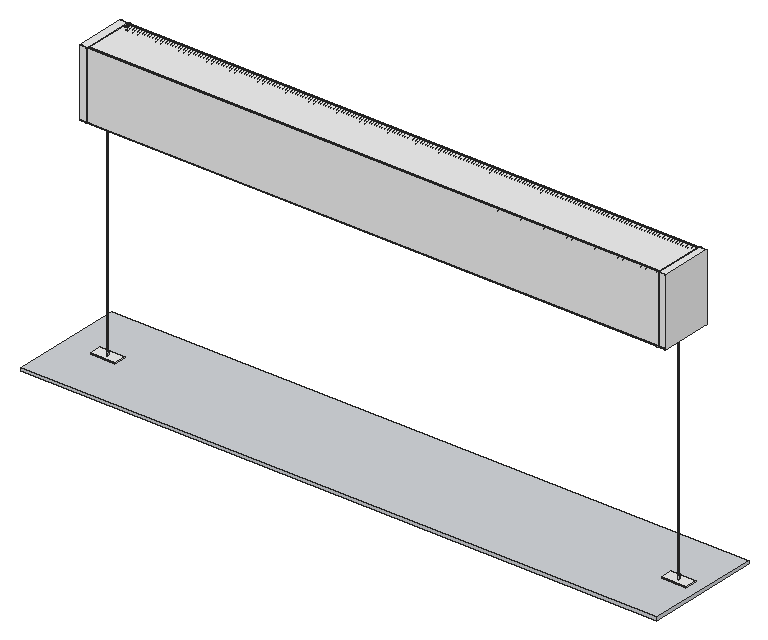
Revit family
Parameters (values of type "BBILED-400-80-35-ASO-4")
  With Multiple Lamps = Fixture Length > 108"  # no
  With Additional Lamp = and(Fixture Length < 120", Fixture Length > 48")  # no
  Wattage = 15.3846 W
  built-in parameter 1150110 = 1 (stored number, unit not read)
  Voltage = 120 V
  URL = "http://www.axislighting.com/CMS/itemsDetail_beam4LED.php?205"
  built-in parameter 1114217 = 1 (stored number, unit not read)
  Total Lamp Wattage = Lamp Wattage * Number of Lamps  # 28.4 VA
  Tilt Angle = 90.00°
  built-in parameter 1150109 = 1 (stored number, unit not read)
  built-in parameter 1150134 = (empty or 0)
  Suspension Length [instance] = 18"
  Suspension Finish = Steel - Axis - White
  built-in parameter 1150113 = 1 (stored number, unit not read)
  Reflector Finish = Steel - Axis - White Powder Coated
  Product Order Length = 48"
  Product ID = "BBILED"
  Photometric Web File = "BBILED-B3-MF-950-80-35-C.ies"
  Other = ""
  Optics Length = Fixture Length - 1 1/4"  # 46 3/4"
  Number of Lamps = Product Order Length / 12"  # 4
  Mounting Configuration = if(Product Order Length < 156", 2, if(Product Order Length < 300", 3, if(Product Order Length < 444", 4, if(Product Order Length < 564", 5, if(Product Order Length < 708", 6, if(Product Order Length < 852", 7, if(Product Order Length < 972", 8, if(Product Order Length = 1296", 11, if(Product Order Length = 1680", 13, if(Product Order Length = 1776", 14, if(Product Order Length = 1848", 15, if(Product Order Length = 1872", 15, if(Product Order Length = 1896", 15, 2)))))))))))))  # 2
  Model = "BEAM4 LED Pendant Asymmetric Mount - Indirect"
  Manufacturer = "Axis Lighting"
  built-in parameter 1150105 = 127.32 (stored number, unit not read)
  Lumens = 1600 lm
  built-in parameter 1150115 = 1 (stored number, unit not read)
  built-in parameter 1150137 = (empty or 0)
  built-in parameter 1150139 = (empty or 0)
  Lens Length = if(Fixture Length > 108", (Fixture Length - (2 * End Cap Length)) / Lamp Configuration, Fixture Length - (2 * End Cap Length))  # 46 3/4"
  Lens Finish = Acrylic - Axis - Frosted
  Lamp Wattage = 7.1 VA
  built-in parameter 1150112 = 1 (stored number, unit not read)
  Lamp Multiplier = if(Fixture Length > 108", (Fixture Length / 48") - 1, 2)  # 2
  built-in parameter 1150114 = 1 (stored number, unit not read)
  Lamp Distance = Lens Length  # 46 3/4"
  Lamp Configuration = if(Product Order Length > 96", Product Order Length / 48", 2)  # 2
  Lamp = "LED"
  Keynote = "16510"
  built-in parameter 1150132 = 2
  built-in parameter 1150102 = (empty or 0)
  built-in parameter 1150107 = 3500 (stored number, unit not read)
  built-in parameter 1150138 = (empty or 0)
  built-in parameter 1150106 = 1.2732 (stored number, unit not read)
  IC Controls = ""
  Housing Finish = Aluminum - Axis - White
  Fixture Width = 4 5/32"  # constant formula
  Fixture Length = Product Order Length  # 48"
  Fixture Depth = 5 1/2"  # constant formula
  End Cap Length = 5/8"  # constant formula
  Emit from Line Length = Lamp Distance  # 46 3/4"
  built-in parameter 1150104 = 9.6619 (stored number, unit not read)
  Dimming Lamp Color Temperature Shift = (empty or 0)
  Description = "LED Pendant Asymmetric Mount Indrect Lighting Fixture with Spotless Lens"
  Default Elevation = 48"
  Custom = ""
  Color Filter = 16777215
  Circuit = 1
  built-in parameter 1114218 = 1 (stored number, unit not read)
  built-in parameter 1150133 = 10 (stored number, unit not read)
  Assembly Code = "D5020200"
  Apparent Load = Total Lamp Wattage  # 28.4 VA
Types (5): name | With Additional Lamp | Wattage | Total Lamp Wattage | Product Order Length | Optics Length | Number of Lamps | built-in parameter 1150105 | Lumens | Lens Length | Lamp Wattage | Lamp Distance | built-in parameter 1150106 | Fixture Length | Emit from Line Length | Description | Apparent Load
  (no name) | no | 15.3846 W | 28.4 VA | 48" | 46 3/4" | 4 | 127.32 (stored number, unit not read) | 1600 lm | 46 3/4" | 7.1 VA | 46 3/4" | 1.2732 (stored number, unit not read) | 48" | 46 3/4" | "LED Pendant Asymmetric Mount Indrect Lighting Fixture with Spotless Lens" | 28.4 VA
  BBILED-400-80-35-ASO-4 | no | 15.3846 W | 28.4 VA | 48" | 46 3/4" | 4 | 127.32 (stored number, unit not read) | 1600 lm | 46 3/4" | 7.1 VA | 46 3/4" | 1.2732 (stored number, unit not read) | 48" | 46 3/4" | "LED Pendant Asymmetric Mount Indrect Lighting Fixture with Spotless Lens" | 28.4 VA
  BBILED-400-80-35-ASO-2 | no | 7.69231 W | 6.6 VA | 24" | 22 3/4" | 2 | 63.662 (stored number, unit not read) | 800 lm | 22 3/4" | 3.3 VA | 22 3/4" | 0.63662 (stored number, unit not read) | 24" | 22 3/4" | "LED Pendant Mount Asymmetric Indrect Lighting Fixture with Spotless Lens" | 6.6 VA
  BBILED-400-80-35-ASO-3 | no | 11.5385 W | 9.9 VA | 36" | 34 3/4" | 3 | 95.493 (stored number, unit not read) | 1200 lm | 34 3/4" | 3.3 VA | 34 3/4" | 0.95493 (stored number, unit not read) | 36" | 34 3/4" | "LED Pendant Mount Asymmetric Indrect Lighting Fixture with Spotless Lens" | 9.9 VA
  BBILED-400-80-35-ASO-5 | yes | 19.2308 W | 16.5 VA | 60" | 58 3/4" | 5 | 159.15 (stored number, unit not read) | 2000 lm | 58 3/4" | 3.3 VA | 58 3/4" | 1.5915 (stored number, unit not read) | 60" | 58 3/4" | "LED Pendant Mount Asymmetric Indrect Lighting Fixture with Spotless Lens" | 16.5 VA
Reference planes (in)
  plane 1 "Center (Front/Back)": y = 0
  plane 2: z = 0
  plane 3 "Center (Left/Right)": x = 0
  plane 4: x = -24
  plane 5: x = 24
  plane 6: x = -23.375
  plane 7: x = 23.375
  plane 8: z = 18
  plane 9: y = -2.07813
  plane 10: y = 2.07812
  plane 11: z = 23.5
  plane 12: z = 20.84375
  plane 13: z = 18.7
  plane 14: x = -23.375
  plane 15: x = 23.375
  plane 16: x = 0
  plane 17: x = 70.125
  plane 18: x = 46.75
  plane 19: x = -23.375
  plane 20: x = 23.375
  plane 21: x = 0
Forms (in)
  Extrusion 1, solid
    sketch origin (0, 0, 0) x (1, 0, 0) y (0, 1, 0)
      loop
        line (-26.75, 4.70508) -> (-26.75, -4.70508) -> (25.31417, -4.70508) -> (25.31417, 4.70508) -> (-26.75, 4.70508)
    from 0 to -0.25
  Extrusion 2, solid, material "Aluminum - Axis - White" <- "Housing Finish"
    sketch origin (0, 0, 0) x (0, 1, 0) y (0, 0, 1)
      loop
        line (2.04687, 23.5) -> (-2.04688, 23.5)
        arc (-2.04688, 23.5) -> (-2.06897, 23.49085) -> (-2.07813, 23.46875) r 0.03125
        line (-2.07813, 23.46875) -> (-2.07813, 18.03125)
        arc (-2.07813, 18.03125) -> (-2.06897, 18.00915) -> (-2.04688, 18) r 0.03125
        line (-2.04688, 18) -> (2.04687, 18)
        arc (2.04687, 18) -> (2.06897, 18.00915) -> (2.07812, 18.03125) r 0.03125
        line (2.07812, 18.03125) -> (2.07812, 23.46875)
        arc (2.07812, 23.46875) -> (2.06897, 23.49085) -> (2.04687, 23.5) r 0.03125
    from -24 to -23.375
  Extrusion 3, solid, material "Aluminum - Axis - White" <- "Housing Finish"
    sketch origin (0, 0, 0) x (0, 1, 0) y (0, 0, 1)
      loop
        line (2.04687, 23.5) -> (-2.04688, 23.5)
        arc (-2.04688, 23.5) -> (-2.06897, 23.49085) -> (-2.07813, 23.46875) r 0.03125
        line (-2.07813, 23.46875) -> (-2.07813, 18.03125)
        arc (-2.07813, 18.03125) -> (-2.06897, 18.00915) -> (-2.04688, 18) r 0.03125
        line (-2.04688, 18) -> (2.04687, 18)
        arc (2.04687, 18) -> (2.06897, 18.00915) -> (2.07812, 18.03125) r 0.03125
        line (2.07812, 18.03125) -> (2.07812, 23.46875)
        arc (2.07812, 23.46875) -> (2.06897, 23.49085) -> (2.04687, 23.5) r 0.03125
    from 23.375 to 24
  Extrusion 4, solid, material "Acrylic - Axis - Frosted" <- "Lens Finish"
    sketch origin (0, 0, 0) x (0, 1, 0) y (0, 0, 1)
      loop
        line (1.96562, 18.05) -> (-1.96563, 18.05) -> (-1.96563, 18) -> (1.96562, 18) -> (1.96562, 18.05)
    from -23.375 to 23.375
  Sweep 5, solid, material "Steel - Axis - White Powder Coated" <- "Reflector Finish"
    path origin (0, 0, 0) x (1, 0, 0) y (0, 1, 0)
      loop
        line (23.375, 0) -> (-23.375, 0)
    profile "BBILED-ASY-Profile-Reflector : BBILED-ASY-Profile-Reflector" origin (0, 0, 0) x (0, -1, 0) y (0, 0, 1)
      loop
        line (-0.86692, 19.57796) -> (-1.65215, 18.48068) -> (-1.85302, 18.48068) -> (-1.85302, 18.44943) -> (-1.63609, 18.44943) -> (-0.85085, 19.54671) -> (-0.32503, 19.54671) -> (1.5391, 18.44943) -> (1.87627, 18.44943) -> (1.87627, 18.48068) -> (1.54761, 18.48068) -> (-0.31652, 19.57796) -> (-0.86692, 19.57796)
  Sweep 6, solid, material "Aluminum - Axis - White" <- "Housing Finish"
    path origin (0, 0, 0) x (1, 0, 0) y (0, 1, 0)
      loop
        line (23.375, 0) -> (-23.375, 0)
    profile "BBILED-Profile-Lens : BBILED-Profile-Lens" origin (0, 0, 0) x (0, -1, 0) y (0, 0, 1)
      loop
        line (-1.79405, 23.43) -> (1.79405, 23.43)
        arc (1.79405, 23.43) -> (1.81337, 23.41518) -> (1.80405, 23.39268) r 0.02
        line (1.80405, 23.39268) -> (1.74405, 23.35804)
        arc (1.74405, 23.35804) -> (1.73673, 23.33072) -> (1.76405, 23.3234) r 0.02
        line (1.76405, 23.3234) -> (1.83782, 23.36599) -> (1.86011, 23.30536)
        arc (1.86011, 23.30536) -> (1.85982, 23.21545) -> (1.80089, 23.14755) r 0.12908
        arc (1.80089, 23.14755) -> (1.79294, 23.1204) -> (1.82008, 23.11245) r 0.02
        arc (1.82008, 23.11245) -> (1.89727, 23.2014) -> (1.89766, 23.31916) r 0.16908
        line (1.89766, 23.31916) -> (1.86558, 23.40637)
        arc (1.86558, 23.40637) -> (1.86854, 23.42931) -> (1.88905, 23.44) r 0.025
        line (1.88905, 23.44) -> (1.93835, 23.44) -> (1.96019, 23.5) -> (-1.96019, 23.5) -> (-1.93835, 23.44) -> (-1.88905, 23.44)
        arc (-1.88905, 23.44) -> (-1.86854, 23.42931) -> (-1.86558, 23.40637) r 0.025
        line (-1.86558, 23.40637) -> (-1.89766, 23.31916)
        arc (-1.89766, 23.31916) -> (-1.89727, 23.2014) -> (-1.82008, 23.11245) r 0.16908
        arc (-1.82008, 23.11245) -> (-1.79294, 23.1204) -> (-1.80089, 23.14755) r 0.02
        arc (-1.80089, 23.14755) -> (-1.85982, 23.21545) -> (-1.86011, 23.30536) r 0.12908
        line (-1.86011, 23.30536) -> (-1.83782, 23.36599) -> (-1.76405, 23.3234)
        arc (-1.76405, 23.3234) -> (-1.73673, 23.33072) -> (-1.74405, 23.35804) r 0.02
        line (-1.74405, 23.35804) -> (-1.80405, 23.39268)
        arc (-1.80405, 23.39268) -> (-1.81337, 23.41518) -> (-1.79405, 23.43) r 0.02
  Sweep 7, solid, material "Aluminum - Axis - White" <- "Housing Finish"
    path origin (0, 0, 0) x (1, 0, 0) y (0, 1, 0)
      loop
        line (23.375, 0) -> (-23.375, 0)
    profile "BBILED-Profile-Housing : BBILED-Profile-Housing" origin (0, 0, 0) x (0, -1, 0) y (0, 0, 1)
      loop
        line (-2.07812, 23.46875) -> (-2.07812, 18.03125)
        arc (-2.07812, 18.03125) -> (-2.06897, 18.00915) -> (-2.04687, 18) r 0.03125
        line (-2.04687, 18) -> (-1.98812, 18) -> (-1.98812, 18.0857) -> (-1.94473, 18.0857) -> (-1.92694, 18.04378) -> (-1.89012, 18.0594) -> (-1.92781, 18.1482) -> (-2.00312, 18.1482) -> (-2.00312, 23.365)
        arc (-2.00312, 23.365) -> (-1.99727, 23.37914) -> (-1.98312, 23.385) r 0.02
        line (-1.98312, 23.385) -> (-1.88312, 23.385)
        arc (-1.88312, 23.385) -> (-1.87013, 23.3925) -> (-1.87013, 23.4075) r 0.015
        line (-1.87013, 23.4075) -> (-1.89179, 23.445) -> (-1.98812, 23.445) -> (-1.98812, 23.48)
        arc (-1.98812, 23.48) -> (-1.99398, 23.49414) -> (-2.00812, 23.5) r 0.02
        line (-2.00812, 23.5) -> (-2.04687, 23.5)
        arc (-2.04687, 23.5) -> (-2.06897, 23.49085) -> (-2.07812, 23.46875) r 0.03125
      loop
        arc (2.07813, 23.46875) -> (2.06897, 23.49085) -> (2.04688, 23.5) r 0.03125
        line (2.04688, 23.5) -> (2.00813, 23.5)
        arc (2.00813, 23.5) -> (1.99398, 23.49414) -> (1.98813, 23.48) r 0.02
        line (1.98813, 23.48) -> (1.98813, 23.445) -> (1.89179, 23.445) -> (1.87013, 23.4075)
        arc (1.87013, 23.4075) -> (1.87013, 23.3925) -> (1.88313, 23.385) r 0.015
        line (1.88313, 23.385) -> (1.98313, 23.385)
        arc (1.98313, 23.385) -> (1.99727, 23.37914) -> (2.00313, 23.365) r 0.02
        line (2.00313, 23.365) -> (2.00313, 18.1482) -> (1.92781, 18.1482) -> (1.89012, 18.0594) -> (1.92694, 18.04378) -> (1.94473, 18.0857) -> (1.98813, 18.0857) -> (1.98813, 18) -> (2.04688, 18)
        arc (2.04688, 18) -> (2.06897, 18.00915) -> (2.07813, 18.03125) r 0.03125
        line (2.07813, 18.03125) -> (2.07813, 23.46875)
Lines and regions (in)
  reference lines
    curve 1: line (0, 1.95771, 18) -> (0, 0.50282, 20.03305)
    curve 2: line (0, -0.19021, 18) -> (0, 2.37396, 19.83498)
Dimensions and locks (in)
  "Fixture Length": plane 4 to plane 5
  equal spacing: plane 4, plane 3 "Center (Left/Right)", plane 5
  locked: plane 4 to plane 6 at 0.625
  locked: plane 7 to plane 5 at 0.625
  "Suspension Length": plane 8 to plane 2
  "Fixture Width": plane 9 to plane 10
  equal spacing: plane 9, plane 1 "Center (Front/Back)", plane 10
  "Fixture Depth": plane 11 to plane 8
  locked: Extrusion 4 sketch curve to plane 9 at 0.1125
  locked: plane 10 to Extrusion 4 sketch curve at 0.1125
  locked: Extrusion 4 sketch curve to plane 8 at 0.05
  locked: plane 12 to plane 8 at 2.84375
  locked: plane 13 to plane 8 at 0.7
  group 1 to group 2 = 46 3/4"
  group 1 to group 2 = 0"  (x2)
  "Lamp Distance": plane 14 to plane 15
  equal spacing: plane 14, plane 16, plane 15
  "Lamp Distance": plane 15 to plane 17
  equal spacing: plane 15, plane 18, plane 17
  "Lamp Distance": plane 19 to plane 20
  equal spacing: plane 19, plane 21, plane 20
  locked: plane 10 to curve 1 at 0.12041
  locked: plane 10 to curve 2 at 2.26834
  group 3 to group 4 = 46 3/4"
  group 3 to group 4 = 0"  (x2)
  locked: curve 1 to curve 2 (angle 90.00°)
  locked: curve 2 to plane 8 (angle 35.5883°)
  aligned and locked: plane 2 to Extrusion 1
  aligned and locked: level to Extrusion 1
  aligned and locked: plane 1 "Center (Front/Back)" to nested 1
  aligned and locked: plane 3 "Center (Left/Right)" to nested 1
  aligned and locked: plane 11 to Extrusion 2 sketch curve
  aligned and locked: plane 9 to Extrusion 2 sketch curve
  aligned and locked: plane 8 to Extrusion 2 sketch curve
  aligned and locked: plane 10 to Extrusion 2 sketch curve
  aligned and locked: Extrusion 2 to plane 4
  aligned and locked: plane 6 to Extrusion 2
  aligned and locked: plane 11 to Extrusion 3 sketch curve
  aligned and locked: plane 9 to Extrusion 3 sketch curve
  aligned and locked: plane 8 to Extrusion 3 sketch curve
  aligned and locked: plane 10 to Extrusion 3 sketch curve
  aligned and locked: plane 5 to Extrusion 3
  aligned and locked: Extrusion 3 to plane 7
  aligned and locked: plane 8 to Extrusion 4 sketch curve
  aligned and locked: Extrusion 4 to plane 6
  aligned and locked: plane 7 to Extrusion 4
  aligned and locked: Sweep 5 sketch curve to plane 1 "Center (Front/Back)"
  aligned and locked: plane 6 to Sweep 5 sketch curve
  aligned and locked: plane 7 to Sweep 5 sketch curve
  aligned and locked: Sweep 6 sketch curve to plane 1 "Center (Front/Back)"
  aligned and locked: plane 6 to Sweep 6 sketch curve
  aligned and locked: plane 7 to Sweep 6 sketch curve
  aligned and locked: Sweep 7 sketch curve to plane 1 "Center (Front/Back)"
  aligned and locked: plane 7 to Sweep 7 sketch curve
  aligned and locked: plane 6 to Sweep 7 sketch curve
  aligned and locked: nested 2 to plane 2
  aligned and locked: plane 1 "Center (Front/Back)" to nested 2
  aligned and locked: plane 6 to nested 2
  aligned and locked: plane 7 to nested 3
  aligned and locked: plane 1 "Center (Front/Back)" to nested 3
  aligned and locked: nested 3 to plane 2
  aligned and locked: plane 14 to plane 6
  aligned and locked: imposter light to plane 16
  aligned and locked: plane 20 to plane 7
  aligned and locked: plane 21 to nested 4
  aligned and locked: plane 21 to nested 5
  aligned and locked: imposter light to curve 2
  aligned and locked: imposter light to curve 1
  aligned and locked: plane 1 "Center (Front/Back)" to nested 5
  aligned and locked: plane 1 "Center (Front/Back)" to nested 4
  aligned and locked: plane 1 "Center (Front/Back)" to nested 6
  aligned and locked: nested 6 to plane 18
Automatic sketch dimensions
  Extrusion 1 sketch curve to Extrusion 1 sketch curve = 52.06417"
  Extrusion 1 sketch curve to Extrusion 1 sketch curve = 9 105/256"
  Extrusion 2 sketch curve to plane 9 = 1/32"  (x2)
  Extrusion 2 sketch curve to Extrusion 2 sketch curve = 1/32"  (x2)
  Extrusion 3 sketch curve to plane 9 = 1/32"
  Extrusion 3 sketch curve to Extrusion 3 sketch curve = 1/32"  (x2)
  plane 10 to Extrusion 3 sketch curve = 1/32"
  curve 1 to plane 8 = 0"
  curve 2 to plane 13 = 0.7"
Nested families (in)
  nested 1: "Lighting-Pendant-Axis-Symbol" at (0, 0, 0), type "Lighting-Pendant-Axis-Symbol"
  nested 2: "BBILED-Component-Suspension" at (-23.375, 0, 0), type "Cable"
  nested 3: "BBILED-Component-Suspension" at (23.375, 0, 0), type "Cable"
  nested 4: "BBILED-ASY-Light" at (0, 0, 0), visible <- "With Multiple Lamps", type "Multiple"
  nested 5: "BBILED-ASY-Light" at (0, 0, 0), visible <- "With Additional Lamp", type "Additional"
  nested 6: "BBILED-ASY-Light" at (46.75, 0, 0), visible <- "With Multiple Lamps", type "Multiple"
Connectors (in)
  electrical at (-23.375, 0, 0), driven by "Voltage", driven by "Apparent Load"
    settings: on nested 2, index 1, voltage 120 V, apparent load 0 VA, apparent load phase1 28.4 VA, apparent load phase2 0 VA, apparent load phase3 0 VA, power factor 1, load classification "Lighting", number of poles 1, system type 31, power factor state 1, is connector primary yes, connector utility no, sub classification motor no, connector description "Lighting Fixture Power"
Definition of nested family "BBILED-Component-Suspension"
  Parameters (values of type "Cable")
    Suspension Length = 18"
    Finish = Steel - Axis - White
    Assembly Code = ""
  Reference planes (in)
    plane 1 "Center (Front/Back)": y = 0
    plane 2: z = 0
    plane 3 "Center (Left/Right)": x = 0
    plane 4: z = 18
    plane 5: y = 0.5
    plane 6: y = -0.5
    plane 7: x = -1
    plane 8: x = 1
    plane 9: z = 0.0625
    plane 10: z = 0.375
    plane 11: z = 17.875
    plane 12: z = 17.6875
  Forms (in)
    Extrusion 1, solid, material "Steel - Axis - White" <- "Finish"
      sketch origin (0, 0, 0) x (1, 0, 0) y (0, 1, 0)
        loop
          circle (0, 0) r 0.25
      from 17.875 to 18
    Extrusion 2, solid, material "Steel - Axis - White" <- "Finish"
      sketch origin (0, 0, 0) x (1, 0, 0) y (0, 1, 0)
        loop
          circle (0, 0) r 0.0625
      from 17.6875 to 17.875
    Extrusion 3, solid, material "Steel - Axis - White" <- "Finish"
      sketch origin (0, 0, 0) x (1, 0, 0) y (0, 1, 0)
        loop
          circle (0, 0) r 0.03125
      from 17.6875 to 0.375
    Extrusion 4, solid, material "Steel - Axis - White" <- "Finish"
      sketch origin (0, 0, 0) x (1, 0, 0) y (0, 1, 0)
        loop
          circle (0, 0) r 0.0625
      from 0.0625 to 0.375
    Extrusion 5, solid, material "Steel - Axis - White" <- "Finish"
      sketch origin (0, 0, 0) x (1, 0, 0) y (0, 1, 0)
        loop
          line (-1, -0.5) -> (1, -0.5) -> (1, 0.5) -> (-1, 0.5) -> (-1, -0.5)
      from 0 to 0.0625
  Dimensions and locks (in)
    equal spacing: plane 7, plane 3 "Center (Left/Right)", plane 8
    plane 7 to plane 8 = 2"
    equal spacing: plane 6, plane 1 "Center (Front/Back)", plane 5
    plane 6 to plane 5 = 1"
    Extrusion 4 to Extrusion 5 to Extrusion 5 = 0", 1/16"
    Extrusion 1 to Extrusion 2 to level = 1/8", 17 7/8"
    "Suspension Length": plane 4 to level
    plane 10 to plane 9 to plane 2 = 5/16" locked, 1/16" locked
    plane 4 to plane 11 to plane 12 = 1/8" locked, 3/16" locked
    radius of Extrusion 4 sketch curve = 1/16"
    radius of Extrusion 3 sketch curve = 1/32"
    radius of Extrusion 2 sketch curve = 1/16"
    radius of Extrusion 1 sketch curve = 1/4"
    aligned and locked: plane 2 to level
    aligned and locked: plane 6 to Extrusion 5 sketch curve
    aligned and locked: Extrusion 5 sketch curve to plane 7
    aligned and locked: Extrusion 5 sketch curve to plane 5
    aligned and locked: plane 8 to Extrusion 5 sketch curve
    aligned: plane 4 to Extrusion 5
    aligned: Extrusion 1 to level
    aligned: Extrusion 3 to Extrusion 4
    aligned: Extrusion 3 to Extrusion 2
    aligned: Extrusion 4 to Extrusion 5
    aligned and locked: Extrusion 5 to plane 2
    aligned and locked: plane 9 to Extrusion 5
    aligned and locked: Extrusion 4 to plane 9
    aligned and locked: plane 10 to Extrusion 4
    aligned and locked: plane 4 to Extrusion 1
    aligned and locked: Extrusion 1 to plane 11
    aligned and locked: plane 11 to Extrusion 2
    aligned and locked: Extrusion 2 to plane 12
    aligned and locked: plane 12 to Extrusion 3
    aligned and locked: Extrusion 3 to plane 10
  Automatic sketch dimensions
    plane 1 "Center (Front/Back)" to Extrusion 1 sketch curve = 0"
    Extrusion 1 sketch curve to plane 3 "Center (Left/Right)" = 0"
    plane 1 "Center (Front/Back)" to Extrusion 2 sketch curve = 0"
    Extrusion 2 sketch curve to plane 3 "Center (Left/Right)" = 0"
    plane 1 "Center (Front/Back)" to Extrusion 3 sketch curve = 0"
    Extrusion 3 sketch curve to plane 3 "Center (Left/Right)" = 0"
    plane 1 "Center (Front/Back)" to Extrusion 4 sketch curve = 0"
    Extrusion 4 sketch curve to plane 3 "Center (Left/Right)" = 0"
Definition of nested family "Lighting-Pendant-Axis-Symbol"
  Parameters (values of type "Lighting-Pendant-Axis-Symbol")
    Width = 4 3/16"
    Length = 47 9/16"
    Assembly Code = ""
  Reference planes (in)
    plane 1 "Center (Front/Back)": y = 0
    plane 2: z = 0
    plane 3 "Center (Left/Right)": x = 0
  Lines and regions (in)
    Masking region 1, in view "Ref. Level"
      outline origin (0, 0, 0) x (1, 0, 0) y (0, 1, 0)
        loop
          line (-23.78125, -2.09375) -> (23.78125, -2.09375) -> (23.78125, 2.09375) -> (-23.78125, 2.09375) -> (-23.78125, -2.09375)
    detail lines, style "Pendant Lights", in view "Ref. Level", detail levels coarse+medium
      curve 1: line (-23.78125, 2.09375, 0) -> (23.78125, 2.09375, 0)
      curve 2: line (-23.78125, -2.09375, 0) -> (-23.78125, 2.09375, 0)
      curve 3: line (23.78125, -2.09375, 0) -> (-23.78125, -2.09375, 0)
      curve 4: line (23.78125, 2.09375, 0) -> (23.78125, -2.09375, 0)
    detail lines, style "Pendant Lights", in view "Ref. Level"
      curve 5: circle (-23.15625, 0, 0) r 0.25 normal (0, 0, 1)
      curve 6: circle (23.15625, 0, 0) r 0.25 normal (0, 0, 1)
  Dimensions and locks (in)
    "Length": curve 2 to curve 4
    "Width": curve 1 to curve 3
    equal spacing: curve 2, plane 3 "Center (Left/Right)", curve 4
    equal spacing: curve 1, plane 1 "Center (Front/Back)", curve 3
    locked: curve 2 to curve 5 at 0.625
    locked: curve 6 to curve 4 at 0.625
    equal spacing: curve 1, curve 5, curve 3
    equal spacing: curve 1, curve 6, curve 3
    aligned and locked: Masking region 1 sketch curve to curve 3
    aligned and locked: Masking region 1 sketch curve to curve 2
    aligned and locked: Masking region 1 sketch curve to curve 1
    aligned and locked: Masking region 1 sketch curve to curve 4
  Automatic sketch dimensions
    radius of curve 5 = 1/4"
    radius of curve 6 = 1/4"
Definition of nested family "BBILED-ASY-Light"
  Parameters (values of type "Multiple")
    Wattage = 36.5385 W
    built-in parameter 1150110 = 1 (stored number, unit not read)
    built-in parameter 1114217 = 1 (stored number, unit not read)
    Tilt Angle = 90.00°
    built-in parameter 1150109 = 1 (stored number, unit not read)
    built-in parameter 1150134 = (empty or 0)
    Suspension Length = 18"
    built-in parameter 1150113 = 1 (stored number, unit not read)
    Photometric Web File = "BBILED-B3-MF-950-80-35-C.ies"
    built-in parameter 1150105 = 302.39 (stored number, unit not read)
    Lumens = 3800 lm
    built-in parameter 1150115 = 1 (stored number, unit not read)
    built-in parameter 1150137 = (empty or 0)
    built-in parameter 1150139 = (empty or 0)
    built-in parameter 1150112 = 1 (stored number, unit not read)
    built-in parameter 1150114 = 1 (stored number, unit not read)
    built-in parameter 1150132 = 2
    built-in parameter 1150102 = (empty or 0)
    built-in parameter 1150107 = 3500 (stored number, unit not read)
    built-in parameter 1150138 = (empty or 0)
    built-in parameter 1150106 = 3.0239 (stored number, unit not read)
    Emit from Line Length = 47.79167"
    built-in parameter 1150104 = 9.6619 (stored number, unit not read)
    Dimming Lamp Color Temperature Shift = (empty or 0)
    Default Elevation = 48"
    Color Filter = 16777215
    built-in parameter 1114218 = 1 (stored number, unit not read)
    built-in parameter 1150133 = 10 (stored number, unit not read)
    Assembly Code = ""
  Types (2): name
    Additional
    Multiple
  Reference planes (in)
    plane 1 "Center (Front/Back)": y = 0
    plane 2: z = 0
    plane 3 "Center (Left/Right)": x = 0
    plane 4: z = 18
    plane 5: z = 18.7
    plane 6: y = -2.07813
    plane 7: y = 2.07812
  Forms (in)
    Extrusion 1, solid
      sketch origin (0, 0, 0) x (1, 0, 0) y (0, 1, 0)
        loop
          line (-48, 48) -> (-48, -48) -> (48, -48) -> (48, 48) -> (-48, 48)
      from 0 to -12
  Lines and regions (in)
    reference lines
      curve 1: line (0, 1.95771, 18) -> (0, 0.50282, 20.03305)
      curve 2: line (0, -0.19021, 18) -> (0, 2.37396, 19.83498)
  Dimensions and locks (in)
    "Suspension Length": plane 4 to level
    locked: plane 5 to plane 4 at 0.7
    plane 7 to curve 1 to curve 2 = 0.12041" locked, 2.14792" locked
    locked: plane 7 to plane 6 at 4.15625
    equal spacing: plane 7, plane 1 "Center (Front/Back)", plane 6
    locked: curve 1 to curve 2 (angle 90.00°)
    locked: curve 2 to plane 4 (angle 35.5883°)
    aligned and locked: plane 2 to Extrusion 1
    aligned and locked: level to Extrusion 1
    aligned and locked: plane 3 "Center (Left/Right)" to imposter light
    aligned and locked: imposter light to curve 2
    aligned and locked: imposter light to curve 1
  Automatic sketch dimensions
    Extrusion 1 sketch curve to Extrusion 1 sketch curve = 96"  (x2)
    curve 2 to plane 4 = 0"
    curve 1 to plane 4 = 0"
